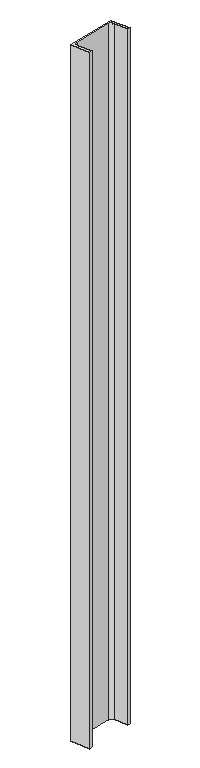
Revit family "C-Column", category 구조 기둥, Revit 2026
Family settings
  단면 모양 = 정의되지 않음
  모델 동작 재료 = 스틸
  항상 형상으로 내보내기 = 아니오
  평면의 보 전환 = 경계 상자에서
  로드될 때 보이드를 사용하여 절단 = 아니오
  기호 표현 = 프로젝트 설정에서
  공유 = 아니오
  평면도에서 미리 절단된 패밀리 표시 = 예
Parameters (values of type "C 203x76x23.82")
  Structural Material [instance] = 금속 - 스틸 - 345 MPa
  x = 21.4 mm
  Assembly Code = ""
  A = 0.003 m²
  W = 0.234
  bf = 76.2 mm
  d = 203.2 mm
  tf = 11.5 mm
  tw = 7.1 mm
Reference planes
  plane 1 "중심(앞/뒤)": y = 0
  plane 2: z = 0
  plane 3 "중심(왼쪽/오른쪽)": x = 0
  plane 4 "오른쪽": x = 54.8
  plane 5 "뒤로": y = 101.6
  plane 6 "앞면": y = -101.6
  plane 7 "왼쪽": x = -21.4
Forms (mm)
  Sweep 1, solid, material "금속 - 스틸 - 345 MPa" <- "Structural Material", detail levels fine
    path origin (0, 0, 0) x (1, 0, 0) y (0, 0, 1)
      loop
        line (0, 2500) -> (0, 0)
    profile "M_평행 채널-프로파일-섬세 : M_평행 채널-프로파일-섬세" origin (0, 0, 1250) x (1, 0, 0) y (0, -1, 0)
      loop
        line (-21.4, -101.6) -> (54.8, -101.6) -> (54.8, -90.1) -> (-2.3, -90.1)
        arc (-2.3, -90.1) -> (-10.785, -86.585) -> (-14.3, -78.1) r 12
        line (-14.3, -78.1) -> (-14.3, 78.1)
        arc (-14.3, 78.1) -> (-10.785, 86.585) -> (-2.3, 90.1) r 12
        line (-2.3, 90.1) -> (54.8, 90.1) -> (54.8, 101.6) -> (-21.4, 101.6) -> (-21.4, -101.6)
  Sweep 2, solid, material "금속 - 스틸 - 345 MPa" <- "Structural Material", detail levels medium
    path origin (0, 0, 0) x (1, 0, 0) y (0, 0, 1)
      loop
        line (0, 2500) -> (0, 0)
    profile "M_평행 채널-프로파일-중간 : M_평행 채널-프로파일-중간" origin (0, 0, 1250) x (1, 0, 0) y (0, -1, 0)
      loop
        line (-21.4, -101.6) -> (54.8, -101.6) -> (54.8, -90.1) -> (-14.3, -90.1) -> (-14.3, 90.1) -> (54.8, 90.1) -> (54.8, 101.6) -> (-21.4, 101.6) -> (-21.4, -101.6)
Lines and regions (mm)
  symbolic lines, style "숨겨진 면", detail levels medium+fine
    curve 1: line (-14.3, 0, 2500) -> (-14.3, 0, 0)
  symbolic lines, style "StructuralColumnStickSymbols", detail levels coarse
    curve 2: line (-21.4, 101.6, 0) -> (-21.4, -101.6, 0)
    curve 3: line (-21.4, 101.6, 0) -> (54.8, 101.6, 0)
    curve 4: line (-21.4, -101.6, 0) -> (54.8, -101.6, 0)
Dimensions and locks
  equal spacing: plane 6 "앞면", plane 1 "중심(앞/뒤)", plane 5 "뒤로"
  "d": plane 6 "앞면" to plane 5 "뒤로"
  "x": plane 7 "왼쪽" to plane 3 "중심(왼쪽/오른쪽)"
  "bf": plane 7 "왼쪽" to plane 4 "오른쪽"
  aligned and locked: level to plane 2
  aligned and locked: Sweep 2 sketch curve to plane 3 "중심(왼쪽/오른쪽)"
  aligned and locked: level to Sweep 2 sketch curve  (x2)
  aligned and locked: Sweep 1 sketch curve to plane 3 "중심(왼쪽/오른쪽)"
  aligned and locked: level to Sweep 1 sketch curve  (x2)
  aligned and locked: plane 4 "오른쪽" to curve 3
  aligned and locked: plane 4 "오른쪽" to curve 4
  aligned and locked: plane 5 "뒤로" to curve 3
  aligned and locked: plane 6 "앞면" to curve 4
  aligned and locked: curve 2 to plane 7 "왼쪽"
  aligned and locked: curve 1 to Sweep 2
  aligned and locked: level to curve 1  (x2)
